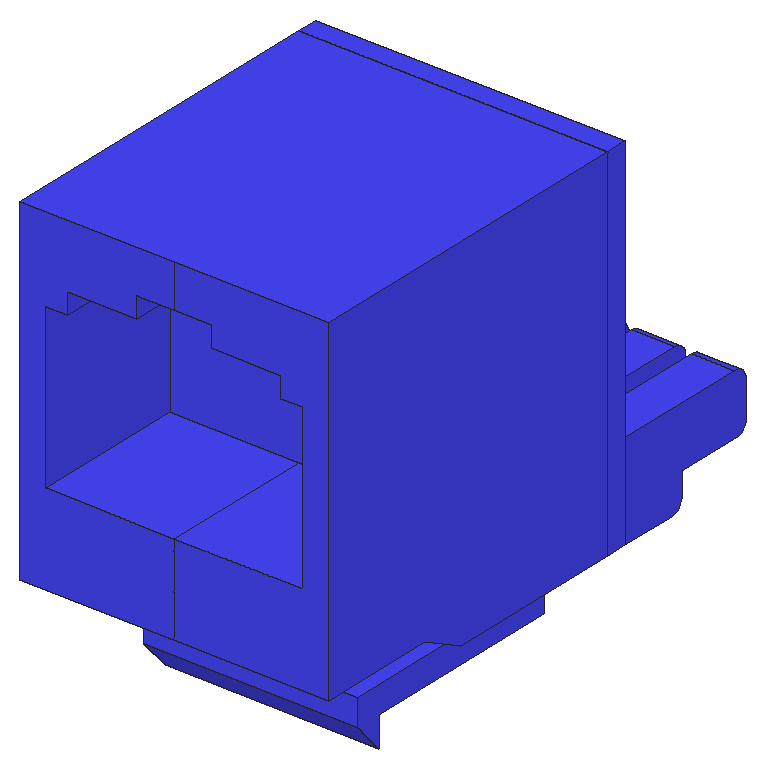
Revit family "ITK_Модуль Keystone Jack категории 3_180 градусов_Неэкранированный_IP20", category Обобщенные модели, Revit 2019
Family settings
  Может служить основой для арматурных стержней = Нет
  Размер круглого соединителя = Использовать диаметр
  Тип детали = Нормальный
  На основе рабочей плоскости = Нет
  Всегда вертикально = Да
  При загрузке вырезать с полостями = Нет
  Общий = Нет
  Точка расчета площади = Нет
Parameters (values of type "CS1-3C03U-12")
  Ширина = 14.5 mm
  Степень защиты = "IP20"  # constant formula
  Материал = Пластик белый
  Изготовитель = "ITK"  # constant formula
  Дата изменения = ""
  Глубина = 24.5 mm
  Высота = 22.6 mm
  URL = "https://www.iek.ru/"
  KSI_CPr_Строительные изделия = ""
  KSI_CMa_Строительные материалы = "01.7.14.03"  # constant formula
  IEK_Цена за единицу = 53.24
  IEK_Поиск в таблице имен = ""
  IEK_Описание = "Совместимость с компонентами для СКС.\r\nИзготовлены из высококачественных негорючих материалов.\r\nНадежность и удобство эксплуатации.\r\nСоответствие международным стандартам качества"
  IEK_URL = "https://www.itk-group.ru/produktsiya/catalog/oborudovanie_telekommunikatsionnoe/komponenty_sks_mednye/rozetki_adaptery_i_moduli_keystone/moduli_keystone_jack_informatsionnye_rozetki_rozetochnye_korpusa_i_adaptery/moduli_keystone_jack/moduli_keystone_jack_kat_5e_neekranirovanye_utp/itk_modul_keystone_jack_kat_5e_utp_110_idc_180grad"
  ADSK_Примечание = ""
  ADSK_Позиция [instance] = ""
  ADSK_Наименование = "ITK Модуль Keystone Jack кат. 3 RJ12 UTP 110 IDC 180 град."
  ADSK_Материал обозначение = ""
  ADSK_Материал наименование = "АБС-пластик"  # constant formula
  ADSK_Масса = 0
  ADSK_Марка = ""  # constant formula
  ADSK_Код изделия = "CS1-3C03U-12"
  ADSK_Завод-изготовитель = "IEK"  # constant formula
  ADSK_Единица измерения = "шт"  # constant formula
  ADSK_Группирование = "I. ЩИТЫ И ПУЛЬТЫ"  # constant formula
  ADSK_Версия семейства = "1.0"  # constant formula
  ADSK_Версия Revit = "2019"  # constant formula
  ADSK_URL страницы изделия = "https://www.itk-group.ru/produktsiya/catalog/oborudovanie_telekommunikatsionnoe/komponenty_sks_mednye/rozetki_adaptery_i_moduli_keystone/moduli_keystone_jack_informatsionnye_rozetki_rozetochnye_korpusa_i_adaptery/moduli_keystone_jack/moduli_keystone_jack_kat_5e_neekranirovanye_utp/"
Reference planes
  plane 1 "По центру (Вперед/Назад)": y = 0
  plane 2: z = 0
  plane 3 "По центру (Влево/Вправо)": x = 0
  plane 4: x = -7.25
  plane 5: x = 7.25
  plane 6: z = 17
  plane 7: y = 24.5
  plane 8: y = 16.404
  plane 9: z = 9.15
  plane 10: y = 4.5
Forms (mm)
  Extrusion 1, solid, material "Пластик белый", detail levels fine
    sketch origin (0, 0, 0) x (1, 0, 0) y (0, 1, 0)
      loop
        line (7.25, 16.404) -> (-7.25, 16.404) -> (-7.25, 0) -> (0, 0) -> (7.25, 0) -> (7.25, 16.404)
    from 17 to 0
  Extrusion 2, void
    sketch origin (0, 0, 0) x (0, 1, 0) y (0, 0, 1)
      loop
        line (0, 1.1) -> (0, 0) -> (7.778, 0) -> (5.662, 1.1) -> (0, 1.1)
    from 9.15 to -9.15
  Extrusion 3, void
    sketch origin (0, 0, 0) x (1, 0, 0) y (0, 0, 1)
      loop
        line (0, 14.988) -> (-1.751, 14.988) -> (-1.751, 13.992) -> (-5.016, 13.992) -> (-5.016, 13.024) -> (-6.027, 13.024) -> (-6.027, 5.374) -> (0, 5.374) -> (6.027, 5.374) -> (6.027, 13.024) -> (5.016, 13.024) -> (5.016, 13.992) -> (1.751, 13.992) -> (1.751, 14.988) -> (0, 14.988)
    from -7.289 to 0
  Extrusion 4, solid, material "Условный материал-отделка", detail levels coarse+medium
    sketch origin (0, 0, 0) x (1, 0, 0) y (0, 1, 0)
      loop
        line (-7.25, 0) -> (7.25, 0) -> (7.25, 24.5) -> (-7.25, 24.5) -> (-7.25, 0)
    from 17 to 0
  Extrusion 5, solid, material "Пластик белый", detail levels fine
    sketch origin (0, 0, 18.3) x (0, 1, 0) y (0, 0, 1)
      loop
        line (15.412, -18.3) -> (12.721, -18.3)
        arc (12.721, -18.3) -> (13.498, -19.077) -> (12.721, -19.854) r 0.777
        line (12.721, -19.854) -> (4.5, -19.854) -> (4.5, -21.115) -> (5.756, -22.53) -> (5.756, -21.1) -> (15.412, -21.1) -> (15.412, -18.3)
    from 5.016 to -5.016
  Extrusion 6, solid, material "Пластик белый", detail levels fine
    sketch origin (0, 0, 0) x (0, 1, 0) y (0, 0, 1)
      loop
        line (16.404, 0) -> (17.404, 0) -> (17.404, 17) -> (16.404, 17) -> (16.404, 0)
    from 7.25 to -7.25
  Extrusion 7, solid, material "Пластик белый", detail levels fine
    sketch origin (-7.25, 0, 18.3) x (0, 1, 0) y (0, 0, 1)
      loop
        line (17.404, -13.782) -> (17.404, -18.3) -> (20.141, -18.3)
        arc (20.141, -18.3) -> (20.586, -18.116) -> (20.77, -17.671) r 0.629
        line (20.77, -17.671) -> (20.77, -16.671) -> (23.939, -16.671)
        arc (23.939, -16.671) -> (24.336, -16.506) -> (24.5, -16.11) r 0.561
        line (24.5, -16.11) -> (24.5, -14.419)
        arc (24.5, -14.419) -> (24.314, -13.969) -> (23.863, -13.782) r 0.637
        line (23.863, -13.782) -> (17.404, -13.782)
    from 2 to 0
  Extrusion 8, solid, material "Пластик белый", detail levels fine
    sketch origin (7.25, 0, 18.3) x (0, 1, 0) y (0, 0, -1)
      loop
        line (17.404, 13.782) -> (23.863, 13.782)
        arc (23.863, 13.782) -> (24.314, 13.969) -> (24.5, 14.419) r 0.637
        line (24.5, 14.419) -> (24.5, 16.11)
        arc (24.5, 16.11) -> (24.336, 16.506) -> (23.939, 16.671) r 0.561
        line (23.939, 16.671) -> (20.77, 16.671) -> (20.77, 17.671)
        arc (20.77, 17.671) -> (20.586, 18.116) -> (20.141, 18.3) r 0.629
        line (20.141, 18.3) -> (17.404, 18.3) -> (17.404, 13.782)
    from 2 to 0
  Extrusion 9, solid, material "Пластик белый", detail levels fine
    sketch origin (4.415, 0, 18.3) x (0, 1, 0) y (0, 0, -1)
      loop
        line (17.404, 13.782) -> (23.863, 13.782)
        arc (23.863, 13.782) -> (24.314, 13.969) -> (24.5, 14.419) r 0.637
        line (24.5, 14.419) -> (24.5, 16.11)
        arc (24.5, 16.11) -> (24.336, 16.506) -> (23.939, 16.671) r 0.561
        line (23.939, 16.671) -> (20.77, 16.671) -> (20.77, 17.671)
        arc (20.77, 17.671) -> (20.586, 18.116) -> (20.141, 18.3) r 0.629
        line (20.141, 18.3) -> (17.404, 18.3) -> (17.404, 13.782)
    from 2 to 0
  Extrusion 10, solid, material "Пластик белый", detail levels fine
    sketch origin (-4.415, 0, 18.3) x (0, 1, 0) y (0, 0, 1)
      loop
        line (17.404, -13.782) -> (17.404, -18.3) -> (20.141, -18.3)
        arc (20.141, -18.3) -> (20.586, -18.116) -> (20.77, -17.671) r 0.629
        line (20.77, -17.671) -> (20.77, -16.671) -> (23.939, -16.671)
        arc (23.939, -16.671) -> (24.336, -16.506) -> (24.5, -16.11) r 0.561
        line (24.5, -16.11) -> (24.5, -14.419)
        arc (24.5, -14.419) -> (24.314, -13.969) -> (23.863, -13.782) r 0.637
        line (23.863, -13.782) -> (17.404, -13.782)
    from 2 to 0
  Extrusion 11, solid, material "Пластик белый", detail levels fine
    sketch origin (-1, 0, 18.3) x (0, 1, 0) y (0, 0, 1)
      loop
        line (17.404, -13.782) -> (17.404, -18.3) -> (20.141, -18.3)
        arc (20.141, -18.3) -> (20.586, -18.116) -> (20.77, -17.671) r 0.629
        line (20.77, -17.671) -> (20.77, -16.671) -> (23.939, -16.671)
        arc (23.939, -16.671) -> (24.336, -16.506) -> (24.5, -16.11) r 0.561
        line (24.5, -16.11) -> (24.5, -14.419)
        arc (24.5, -14.419) -> (24.314, -13.969) -> (23.863, -13.782) r 0.637
        line (23.863, -13.782) -> (17.404, -13.782)
    from 2.751 to -0.751
Cuts and joins
  Extrusion 2, Extrusion 3 cuts Extrusion 1
Dimensions and locks
  plane 6 to level = 17 mm
  plane 1 "По центру (Вперед/Назад)" to plane 7 = 24.5 mm
  plane 1 "По центру (Вперед/Назад)" to plane 8 = 16.404 mm
  plane 7 to plane 1 "По центру (Вперед/Назад)" = 24.5 mm
  equal spacing: plane 4, plane 3 "По центру (Влево/Вправо)", plane 5
  "Ширина": plane 4 to plane 5
  aligned and locked: level to plane 2
  aligned and locked: plane 8 to Extrusion 1
  aligned and locked: plane 6 to Extrusion 1
  aligned and locked: level to Extrusion 5
  aligned and locked: plane 6 to Extrusion 6 sketch curve
  aligned and locked: plane 5 to Extrusion 6
  aligned and locked: Extrusion 6 to plane 4
  aligned and locked: plane 6 to Extrusion 4
Automatic sketch dimensions
  plane 1 "По центру (Вперед/Назад)" to Extrusion 1 sketch curve = 0 mm
  Extrusion 1 sketch curve to plane 4 = 0 mm
  Extrusion 1 sketch curve to plane 3 "По центру (Влево/Вправо)" = 0 mm
  Extrusion 1 sketch curve to plane 5 = 0 mm
  Extrusion 1 sketch curve to plane 8 = 0 mm
  Extrusion 2 sketch curve to level = 0 mm
  Extrusion 2 sketch curve to plane 1 "По центру (Вперед/Назад)" = 0 mm
  plane 10 to Extrusion 2 sketch curve = 1.162 mm
  Extrusion 2 sketch curve to Extrusion 2 sketch curve = 2.115 mm
  level to Extrusion 2 sketch curve = 1.1 mm
  Extrusion 3 sketch curve to plane 3 "По центру (Влево/Вправо)" = 0 mm  (x2)
  Extrusion 3 sketch curve to Extrusion 3 sketch curve = 1.751 mm
  plane 4 to Extrusion 3 sketch curve = 2.234 mm
  Extrusion 3 sketch curve to Extrusion 3 sketch curve = 1.011 mm  (x2)
  plane 3 "По центру (Влево/Вправо)" to Extrusion 3 sketch curve = 1.751 mm
  Extrusion 3 sketch curve to plane 5 = 2.234 mm
  plane 9 to Extrusion 3 sketch curve = 3.776 mm
  Extrusion 3 sketch curve to plane 9 = 3.874 mm  (x2)
  Extrusion 3 sketch curve to plane 6 = 3.008 mm  (x2)
  Extrusion 3 sketch curve to plane 6 = 2.012 mm
  Extrusion 4 sketch curve to plane 4 = 0 mm
  Extrusion 4 sketch curve to plane 5 = 0 mm
  plane 1 "По центру (Вперед/Назад)" to Extrusion 4 sketch curve = 0 mm
  Extrusion 4 sketch curve to plane 7 = 0 mm
  Extrusion 5 sketch curve to plane 10 = 0 mm
  Extrusion 5 sketch curve to level = 0 mm
  Extrusion 5 sketch curve to plane 10 = 1.256 mm
  plane 8 to Extrusion 5 sketch curve = 3.683 mm
  plane 8 to Extrusion 5 sketch curve = 0.993 mm
  Extrusion 5 sketch curve to Extrusion 5 sketch curve = 0.777 mm
  level to Extrusion 5 sketch curve = 2.8 mm
  Extrusion 5 sketch curve to Extrusion 5 sketch curve = 0.015 mm
  Extrusion 5 sketch curve to Extrusion 5 sketch curve = 1.43 mm
  Extrusion 6 sketch curve to plane 8 = 0 mm
  Extrusion 6 sketch curve to level = 0 mm
  plane 8 to Extrusion 6 sketch curve = 1 mm
  Extrusion 7 sketch curve to level = 0 mm
  Extrusion 7 sketch curve to plane 7 = 0 mm
  Extrusion 7 sketch curve to plane 7 = 0.561 mm
  Extrusion 7 sketch curve to Extrusion 7 sketch curve = 0.637 mm
  level to Extrusion 7 sketch curve = 0.629 mm
  Extrusion 7 sketch curve to Extrusion 7 sketch curve = 3.169 mm
  plane 8 to Extrusion 7 sketch curve = 1 mm
  level to Extrusion 7 sketch curve = 1.629 mm
  Extrusion 7 sketch curve to Extrusion 7 sketch curve = 1.691 mm
  Extrusion 8 sketch curve to level = 0 mm
  Extrusion 8 sketch curve to plane 7 = 0 mm
  Extrusion 8 sketch curve to plane 7 = 0.561 mm
  Extrusion 8 sketch curve to plane 7 = 0.637 mm
  level to Extrusion 8 sketch curve = 0.629 mm
  Extrusion 8 sketch curve to Extrusion 8 sketch curve = 3.169 mm
  plane 8 to Extrusion 8 sketch curve = 1 mm
  level to Extrusion 8 sketch curve = 1.629 mm
  Extrusion 8 sketch curve to Extrusion 8 sketch curve = 1.691 mm
  Extrusion 9 sketch curve to level = 0 mm
  Extrusion 9 sketch curve to plane 7 = 0 mm
  Extrusion 9 sketch curve to plane 7 = 0.561 mm
  Extrusion 9 sketch curve to plane 7 = 0.637 mm
  level to Extrusion 9 sketch curve = 0.629 mm
  Extrusion 9 sketch curve to Extrusion 9 sketch curve = 3.169 mm
  plane 8 to Extrusion 9 sketch curve = 1 mm
  level to Extrusion 9 sketch curve = 1.629 mm
  Extrusion 9 sketch curve to Extrusion 9 sketch curve = 1.691 mm
  Extrusion 10 sketch curve to level = 0 mm
  Extrusion 10 sketch curve to plane 7 = 0 mm
  Extrusion 10 sketch curve to plane 7 = 0.561 mm
  Extrusion 10 sketch curve to plane 7 = 0.637 mm
  level to Extrusion 10 sketch curve = 0.629 mm
  Extrusion 10 sketch curve to Extrusion 10 sketch curve = 3.169 mm
  plane 8 to Extrusion 10 sketch curve = 1 mm
  level to Extrusion 10 sketch curve = 1.629 mm
  Extrusion 10 sketch curve to Extrusion 10 sketch curve = 1.691 mm
  Extrusion 11 sketch curve to level = 0 mm
  Extrusion 11 sketch curve to plane 7 = 0 mm
  Extrusion 11 sketch curve to plane 7 = 0.561 mm
  Extrusion 11 sketch curve to plane 7 = 0.637 mm
  level to Extrusion 11 sketch curve = 0.629 mm
  Extrusion 11 sketch curve to Extrusion 11 sketch curve = 3.169 mm
  plane 8 to Extrusion 11 sketch curve = 1 mm
  level to Extrusion 11 sketch curve = 1.629 mm
  Extrusion 11 sketch curve to Extrusion 11 sketch curve = 1.691 mm
